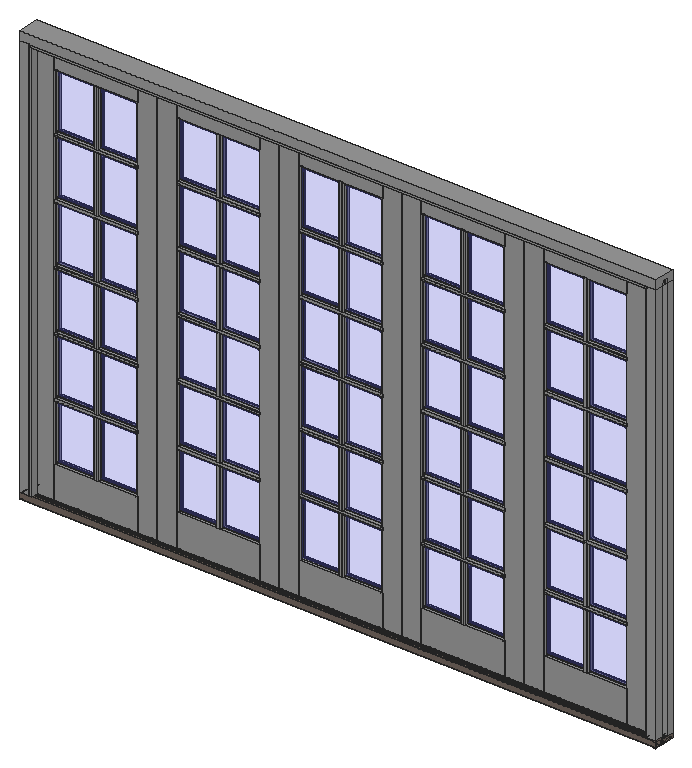
Revit family "VSFA 3180 SP RH", category Doors, host Wall, Revit 2015 (continued)
Automatic sketch dimensions
  profile plane to Sweep 34 sketch curve = 0 mm
  profile plane to Sweep 34 sketch curve = 0.241 mm
  Sweep 34 sketch curve to Sweep 34 sketch curve = 6.759 mm
  Sweep 34 sketch curve to Sweep 34 sketch curve = 2 mm  (x2)
  Sweep 34 sketch curve to profile plane = 86 mm
  Sweep 34 sketch curve to Sweep 34 sketch curve = 6 mm
  host wall to Extrusion 35 sketch curve = 15.5 mm  (x7)
  Extrusion 35 sketch curve to Extrusion 35 sketch curve = 2 mm  (x28)
  host wall to Extrusion 35 sketch curve = 7.5 mm  (x12)
  host wall to Extrusion 35 sketch curve = 6.697 mm  (x12)
  Extrusion 35 sketch curve to Extrusion 35 sketch curve = 1.197 mm  (x8)
  Extrusion 35 sketch curve to host wall = 24.5 mm  (x7)
  level to Extrusion 35 sketch curve = 19 mm
  Extrusion 35 sketch curve to Extrusion 35 sketch curve = 171 mm
  Extrusion 35 sketch curve to Extrusion 35 sketch curve = 0 mm  (x4)
  Extrusion 35 sketch curve to Extrusion 35 sketch curve = 0.241 mm  (x12)
  Extrusion 35 sketch curve to Extrusion 35 sketch curve = 266 mm  (x5)
  Extrusion 35 sketch curve to Extrusion 35 sketch curve = 6.759 mm  (x6)
  Extrusion 35 sketch curve to Extrusion 35 sketch curve = 13 mm  (x7)
  plane 5 to Extrusion 35 sketch curve = 150 mm
  plane 5 to Extrusion 35 sketch curve = 45 mm
  plane 16 to Sweep 36 sketch curve = 298.5 mm
  plane 16 to Sweep 36 sketch curve = 96 mm
  Sweep 36 sketch curve to Sweep 36 sketch curve = 284 mm
  profile plane to Sweep 36 sketch curve = 0 mm
  profile plane to Sweep 36 sketch curve = 0.241 mm
  Sweep 36 sketch curve to Sweep 36 sketch curve = 6.759 mm
  Sweep 36 sketch curve to Sweep 36 sketch curve = 2 mm  (x2)
  Sweep 36 sketch curve to profile plane = 86 mm
  Sweep 36 sketch curve to Sweep 36 sketch curve = 6 mm
  Extrusion 37 sketch curve to plane 17 = 96 mm  (x5)
  Extrusion 37 sketch curve to Extrusion 37 sketch curve = 0 mm  (x12)
  Extrusion 37 sketch curve to Extrusion 37 sketch curve = 202.5 mm  (x4)
  Extrusion 37 sketch curve to Extrusion 37 sketch curve = 13 mm  (x11)
  plane 16 to Extrusion 37 sketch curve = 96.012 mm  (x3)
  level to Extrusion 37 sketch curve = 190 mm
  level to Extrusion 37 sketch curve = 190.01 mm
  Extrusion 37 sketch curve to Extrusion 37 sketch curve = 284 mm  (x5)
  Extrusion 37 sketch curve to Extrusion 37 sketch curve = 13.01 mm  (x4)
  Extrusion 37 sketch curve to Extrusion 37 sketch curve = 0.01 mm
  plane 5 to Extrusion 37 sketch curve = 141 mm
  host wall to Extrusion 38 sketch curve = 5.5 mm  (x2)
  Extrusion 38 sketch curve to plane 17 = 289.5 mm
  Extrusion 38 sketch curve to Extrusion 38 sketch curve = 2 mm  (x5)
  Extrusion 38 sketch curve to Extrusion 38 sketch curve = 6.759 mm  (x2)
  Extrusion 38 sketch curve to Extrusion 38 sketch curve = 0.241 mm  (x3)
  Extrusion 38 sketch curve to Extrusion 38 sketch curve = 13 mm  (x2)
  Extrusion 38 sketch curve to Extrusion 38 sketch curve = 1.197 mm  (x2)
  Extrusion 38 sketch curve to host wall = 24.5 mm
  Sweep 39 sketch curve to plane 17 = 96.012 mm
  Sweep 39 sketch curve to Sweep 39 sketch curve = 202.5 mm
  level to Sweep 39 sketch curve = 190 mm
  Sweep 39 sketch curve to Sweep 39 sketch curve = 284 mm
  profile plane to Sweep 39 sketch curve = 0 mm
  profile plane to Sweep 39 sketch curve = 0.241 mm
  Sweep 39 sketch curve to Sweep 39 sketch curve = 6.759 mm
  Sweep 39 sketch curve to Sweep 39 sketch curve = 2 mm  (x2)
  Sweep 39 sketch curve to profile plane = 86 mm
  Sweep 39 sketch curve to Sweep 39 sketch curve = 6 mm
  plane 16 to Sweep 40 sketch curve = 298.5 mm
  plane 16 to Sweep 40 sketch curve = 96 mm
  level to Sweep 40 sketch curve = 486.988 mm
  Sweep 40 sketch curve to Sweep 40 sketch curve = 284 mm
  profile plane to Sweep 40 sketch curve = 0 mm
  profile plane to Sweep 40 sketch curve = 0.241 mm
  Sweep 40 sketch curve to Sweep 40 sketch curve = 6.759 mm
  Sweep 40 sketch curve to Sweep 40 sketch curve = 2 mm  (x2)
  Sweep 40 sketch curve to profile plane = 86 mm
  Sweep 40 sketch curve to Sweep 40 sketch curve = 6 mm
  host wall to Extrusion 41 sketch curve = 5.5 mm  (x2)
  Extrusion 41 sketch curve to plane 17 = 289.5 mm
  Extrusion 41 sketch curve to Extrusion 41 sketch curve = 2 mm  (x5)
  Extrusion 41 sketch curve to Extrusion 41 sketch curve = 6.759 mm  (x2)
  Extrusion 41 sketch curve to Extrusion 41 sketch curve = 0.241 mm  (x3)
  Extrusion 41 sketch curve to Extrusion 41 sketch curve = 13 mm  (x2)
  Extrusion 41 sketch curve to Extrusion 41 sketch curve = 1.197 mm  (x2)
  Extrusion 41 sketch curve to host wall = 24.5 mm
  Sweep 42 sketch curve to plane 17 = 96.012 mm
  Sweep 42 sketch curve to Sweep 42 sketch curve = 202.5 mm
  level to Sweep 42 sketch curve = 486.988 mm
  Sweep 42 sketch curve to Sweep 42 sketch curve = 284 mm
  profile plane to Sweep 42 sketch curve = 0 mm
  profile plane to Sweep 42 sketch curve = 0.241 mm
  Sweep 42 sketch curve to Sweep 42 sketch curve = 6.759 mm
  Sweep 42 sketch curve to Sweep 42 sketch curve = 2 mm  (x2)
  Sweep 42 sketch curve to profile plane = 86 mm
  Sweep 42 sketch curve to Sweep 42 sketch curve = 6 mm
  plane 16 to Sweep 43 sketch curve = 298.5 mm
  plane 16 to Sweep 43 sketch curve = 96 mm
  level to Sweep 43 sketch curve = 783.988 mm
  Sweep 43 sketch curve to Sweep 43 sketch curve = 284 mm
  profile plane to Sweep 43 sketch curve = 0 mm
  profile plane to Sweep 43 sketch curve = 0.241 mm
  Sweep 43 sketch curve to Sweep 43 sketch curve = 6.759 mm
  Sweep 43 sketch curve to Sweep 43 sketch curve = 2 mm  (x2)
  Sweep 43 sketch curve to profile plane = 86 mm
  Sweep 43 sketch curve to Sweep 43 sketch curve = 6 mm
  host wall to Extrusion 44 sketch curve = 5.5 mm  (x2)
  Extrusion 44 sketch curve to plane 17 = 289.5 mm
  Extrusion 44 sketch curve to Extrusion 44 sketch curve = 2 mm  (x5)
  Extrusion 44 sketch curve to Extrusion 44 sketch curve = 6.759 mm  (x2)
  Extrusion 44 sketch curve to Extrusion 44 sketch curve = 0.241 mm  (x3)
  Extrusion 44 sketch curve to Extrusion 44 sketch curve = 13 mm  (x2)
  Extrusion 44 sketch curve to Extrusion 44 sketch curve = 1.197 mm  (x2)
  Extrusion 44 sketch curve to host wall = 24.5 mm
  Sweep 45 sketch curve to plane 17 = 96.012 mm
  Sweep 45 sketch curve to Sweep 45 sketch curve = 202.5 mm
  level to Sweep 45 sketch curve = 783.988 mm
  Sweep 45 sketch curve to Sweep 45 sketch curve = 284 mm
  profile plane to Sweep 45 sketch curve = 0 mm
  profile plane to Sweep 45 sketch curve = 0.241 mm
  Sweep 45 sketch curve to Sweep 45 sketch curve = 6.759 mm
  Sweep 45 sketch curve to Sweep 45 sketch curve = 2 mm  (x2)
  Sweep 45 sketch curve to profile plane = 86 mm
  Sweep 45 sketch curve to Sweep 45 sketch curve = 6 mm
  plane 16 to Sweep 46 sketch curve = 298.5 mm
  plane 16 to Sweep 46 sketch curve = 96 mm
  plane 5 to Sweep 46 sketch curve = 1019.012 mm
  Sweep 46 sketch curve to Sweep 46 sketch curve = 284 mm
  profile plane to Sweep 46 sketch curve = 0 mm
  profile plane to Sweep 46 sketch curve = 0.241 mm
  Sweep 46 sketch curve to Sweep 46 sketch curve = 6.759 mm
  Sweep 46 sketch curve to Sweep 46 sketch curve = 2 mm  (x2)
  Sweep 46 sketch curve to profile plane = 86 mm
  Sweep 46 sketch curve to Sweep 46 sketch curve = 6 mm
  host wall to Extrusion 47 sketch curve = 5.5 mm  (x2)
  Extrusion 47 sketch curve to plane 17 = 289.5 mm
  Extrusion 47 sketch curve to Extrusion 47 sketch curve = 2 mm  (x5)
  Extrusion 47 sketch curve to Extrusion 47 sketch curve = 6.759 mm  (x2)
  Extrusion 47 sketch curve to Extrusion 47 sketch curve = 0.241 mm  (x3)
  Extrusion 47 sketch curve to Extrusion 47 sketch curve = 13 mm  (x2)
  Extrusion 47 sketch curve to Extrusion 47 sketch curve = 1.197 mm  (x2)
  Extrusion 47 sketch curve to host wall = 24.5 mm
  Sweep 48 sketch curve to plane 17 = 96.012 mm
  Sweep 48 sketch curve to Sweep 48 sketch curve = 202.5 mm
  plane 5 to Sweep 48 sketch curve = 1019.012 mm
  Sweep 48 sketch curve to Sweep 48 sketch curve = 284 mm
  profile plane to Sweep 48 sketch curve = 0 mm
  profile plane to Sweep 48 sketch curve = 0.241 mm
  Sweep 48 sketch curve to Sweep 48 sketch curve = 6.759 mm
  Sweep 48 sketch curve to Sweep 48 sketch curve = 2 mm  (x2)
  Sweep 48 sketch curve to profile plane = 86 mm
  Sweep 48 sketch curve to Sweep 48 sketch curve = 6 mm
  plane 16 to Sweep 49 sketch curve = 298.5 mm
  plane 16 to Sweep 49 sketch curve = 96 mm
  plane 5 to Sweep 49 sketch curve = 722.012 mm
  Sweep 49 sketch curve to Sweep 49 sketch curve = 284 mm
  profile plane to Sweep 49 sketch curve = 0 mm
  profile plane to Sweep 49 sketch curve = 0.241 mm
  Sweep 49 sketch curve to Sweep 49 sketch curve = 6.759 mm
  Sweep 49 sketch curve to Sweep 49 sketch curve = 2 mm  (x2)
  Sweep 49 sketch curve to profile plane = 86 mm
  Sweep 49 sketch curve to Sweep 49 sketch curve = 6 mm
  host wall to Extrusion 50 sketch curve = 5.5 mm  (x2)
  Extrusion 50 sketch curve to plane 17 = 289.5 mm
  Extrusion 50 sketch curve to Extrusion 50 sketch curve = 2 mm  (x5)
  Extrusion 50 sketch curve to Extrusion 50 sketch curve = 6.759 mm  (x2)
  Extrusion 50 sketch curve to Extrusion 50 sketch curve = 0.241 mm  (x3)
  Extrusion 50 sketch curve to Extrusion 50 sketch curve = 13 mm  (x2)
  Extrusion 50 sketch curve to Extrusion 50 sketch curve = 1.197 mm  (x2)
  Extrusion 50 sketch curve to host wall = 24.5 mm
  Sweep 51 sketch curve to plane 17 = 96.012 mm
  Sweep 51 sketch curve to Sweep 51 sketch curve = 202.5 mm
  plane 5 to Sweep 51 sketch curve = 722.012 mm
  Sweep 51 sketch curve to Sweep 51 sketch curve = 284 mm
  profile plane to Sweep 51 sketch curve = 0 mm
  profile plane to Sweep 51 sketch curve = 0.241 mm
  Sweep 51 sketch curve to Sweep 51 sketch curve = 6.759 mm
  Sweep 51 sketch curve to Sweep 51 sketch curve = 2 mm  (x2)
  Sweep 51 sketch curve to profile plane = 86 mm
  Sweep 51 sketch curve to Sweep 51 sketch curve = 6 mm
  plane 16 to Sweep 52 sketch curve = 298.5 mm
  plane 16 to Sweep 52 sketch curve = 96 mm
  plane 5 to Sweep 52 sketch curve = 425.012 mm
  plane 5 to Sweep 52 sketch curve = 141.012 mm
  profile plane to Sweep 52 sketch curve = 0 mm
  profile plane to Sweep 52 sketch curve = 0.241 mm
  Sweep 52 sketch curve to Sweep 52 sketch curve = 6.759 mm
  Sweep 52 sketch curve to Sweep 52 sketch curve = 2 mm  (x2)
  Sweep 52 sketch curve to profile plane = 86 mm
  Sweep 52 sketch curve to Sweep 52 sketch curve = 6 mm
  host wall to Extrusion 53 sketch curve = 5.5 mm  (x2)
  Extrusion 53 sketch curve to plane 17 = 289.5 mm
  Extrusion 53 sketch curve to Extrusion 53 sketch curve = 2 mm  (x5)
  Extrusion 53 sketch curve to Extrusion 53 sketch curve = 6.759 mm  (x2)
  Extrusion 53 sketch curve to Extrusion 53 sketch curve = 0.241 mm  (x3)
  Extrusion 53 sketch curve to Extrusion 53 sketch curve = 13 mm  (x2)
  Extrusion 53 sketch curve to Extrusion 53 sketch curve = 1.197 mm  (x2)
  Extrusion 53 sketch curve to host wall = 24.5 mm
  Sweep 54 sketch curve to plane 17 = 96.012 mm
  Sweep 54 sketch curve to Sweep 54 sketch curve = 202.5 mm
  plane 5 to Sweep 54 sketch curve = 425.012 mm
  plane 5 to Sweep 54 sketch curve = 141.012 mm
  profile plane to Sweep 54 sketch curve = 0 mm
  profile plane to Sweep 54 sketch curve = 0.241 mm
  Sweep 54 sketch curve to Sweep 54 sketch curve = 6.759 mm
  Sweep 54 sketch curve to Sweep 54 sketch curve = 2 mm  (x2)
  Sweep 54 sketch curve to profile plane = 86 mm
  Sweep 54 sketch curve to Sweep 54 sketch curve = 6 mm
  host wall to Extrusion 55 sketch curve = 15.5 mm  (x7)
  Extrusion 55 sketch curve to Extrusion 55 sketch curve = 2 mm  (x28)
  host wall to Extrusion 55 sketch curve = 7.5 mm  (x12)
  host wall to Extrusion 55 sketch curve = 6.697 mm  (x12)
  Extrusion 55 sketch curve to Extrusion 55 sketch curve = 1.197 mm  (x8)
  Extrusion 55 sketch curve to host wall = 24.5 mm  (x7)
  level to Extrusion 55 sketch curve = 19 mm
  Extrusion 55 sketch curve to Extrusion 55 sketch curve = 171 mm
  Extrusion 55 sketch curve to Extrusion 55 sketch curve = 0 mm  (x4)
  Extrusion 55 sketch curve to Extrusion 55 sketch curve = 0.241 mm  (x12)
  Extrusion 55 sketch curve to Extrusion 55 sketch curve = 266 mm  (x5)
  Extrusion 55 sketch curve to Extrusion 55 sketch curve = 6.759 mm  (x6)
  Extrusion 55 sketch curve to Extrusion 55 sketch curve = 13 mm  (x7)
  plane 5 to Extrusion 55 sketch curve = 150 mm
  plane 5 to Extrusion 55 sketch curve = 45 mm
  Sweep 56 sketch curve to plane 2 "Center (Left/Right)" = 9.5 mm
  plane 14 to Sweep 56 sketch curve = 96 mm
  Sweep 56 sketch curve to Sweep 56 sketch curve = 284 mm
  profile plane to Sweep 56 sketch curve = 0 mm
  profile plane to Sweep 56 sketch curve = 0.241 mm
  Sweep 56 sketch curve to Sweep 56 sketch curve = 6.759 mm
  Sweep 56 sketch curve to Sweep 56 sketch curve = 2 mm  (x2)
  Sweep 56 sketch curve to profile plane = 86 mm
  Sweep 56 sketch curve to Sweep 56 sketch curve = 6 mm
  Extrusion 57 sketch curve to plane 15 = 96 mm  (x5)
  Extrusion 57 sketch curve to Extrusion 57 sketch curve = 0 mm  (x12)
  Extrusion 57 sketch curve to plane 2 "Center (Left/Right)" = 22.5 mm  (x4)
  Extrusion 57 sketch curve to plane 2 "Center (Left/Right)" = 9.5 mm  (x6)
  plane 14 to Extrusion 57 sketch curve = 96.012 mm  (x3)
  level to Extrusion 57 sketch curve = 190 mm
  level to Extrusion 57 sketch curve = 190.01 mm
  Extrusion 57 sketch curve to Extrusion 57 sketch curve = 284 mm  (x5)
  Extrusion 57 sketch curve to Extrusion 57 sketch curve = 13 mm  (x5)
  Extrusion 57 sketch curve to Extrusion 57 sketch curve = 13.01 mm  (x4)
  Extrusion 57 sketch curve to Extrusion 57 sketch curve = 0.01 mm
  plane 5 to Extrusion 57 sketch curve = 141 mm
  host wall to Extrusion 58 sketch curve = 5.5 mm  (x2)
  Extrusion 58 sketch curve to plane 2 "Center (Left/Right)" = 31.5 mm
  Extrusion 58 sketch curve to Extrusion 58 sketch curve = 2 mm  (x4)
  Extrusion 58 sketch curve to Extrusion 58 sketch curve = 6.759 mm
  Extrusion 58 sketch curve to Extrusion 58 sketch curve = 0.241 mm  (x3)
  Extrusion 58 sketch curve to plane 2 "Center (Left/Right)" = 9.5 mm  (x2)
  Extrusion 58 sketch curve to plane 2 "Center (Left/Right)" = 2.5 mm
  Extrusion 58 sketch curve to plane 2 "Center (Left/Right)" = 0.5 mm
  Extrusion 58 sketch curve to Extrusion 58 sketch curve = 1.197 mm  (x2)
  Extrusion 58 sketch curve to host wall = 24.5 mm
  Sweep 59 sketch curve to plane 15 = 96.012 mm
  Sweep 59 sketch curve to plane 2 "Center (Left/Right)" = 22.488 mm
  level to Sweep 59 sketch curve = 190 mm
  Sweep 59 sketch curve to Sweep 59 sketch curve = 284 mm
  profile plane to Sweep 59 sketch curve = 0 mm
  profile plane to Sweep 59 sketch curve = 0.241 mm
  Sweep 59 sketch curve to Sweep 59 sketch curve = 6.759 mm
  Sweep 59 sketch curve to Sweep 59 sketch curve = 2 mm  (x2)
  Sweep 59 sketch curve to profile plane = 86 mm
  Sweep 59 sketch curve to Sweep 59 sketch curve = 6 mm
  Sweep 60 sketch curve to plane 2 "Center (Left/Right)" = 9.5 mm
  plane 14 to Sweep 60 sketch curve = 96 mm
  level to Sweep 60 sketch curve = 486.988 mm
  Sweep 60 sketch curve to Sweep 60 sketch curve = 284 mm
  profile plane to Sweep 60 sketch curve = 0 mm
  profile plane to Sweep 60 sketch curve = 0.241 mm
  Sweep 60 sketch curve to Sweep 60 sketch curve = 6.759 mm
  Sweep 60 sketch curve to Sweep 60 sketch curve = 2 mm  (x2)
  Sweep 60 sketch curve to profile plane = 86 mm
  Sweep 60 sketch curve to Sweep 60 sketch curve = 6 mm
  host wall to Extrusion 61 sketch curve = 5.5 mm  (x2)
  Extrusion 61 sketch curve to plane 2 "Center (Left/Right)" = 31.5 mm
  Extrusion 61 sketch curve to Extrusion 61 sketch curve = 2 mm  (x4)
  Extrusion 61 sketch curve to Extrusion 61 sketch curve = 6.759 mm
  Extrusion 61 sketch curve to Extrusion 61 sketch curve = 0.241 mm  (x3)
  Extrusion 61 sketch curve to plane 2 "Center (Left/Right)" = 9.5 mm  (x2)
  Extrusion 61 sketch curve to plane 2 "Center (Left/Right)" = 2.5 mm
  Extrusion 61 sketch curve to plane 2 "Center (Left/Right)" = 0.5 mm
  Extrusion 61 sketch curve to Extrusion 61 sketch curve = 1.197 mm  (x2)
  Extrusion 61 sketch curve to host wall = 24.5 mm
  Sweep 62 sketch curve to plane 15 = 96.012 mm
  Sweep 62 sketch curve to plane 2 "Center (Left/Right)" = 22.488 mm
  level to Sweep 62 sketch curve = 486.988 mm
  Sweep 62 sketch curve to Sweep 62 sketch curve = 284 mm
  profile plane to Sweep 62 sketch curve = 0 mm
  profile plane to Sweep 62 sketch curve = 0.241 mm
  Sweep 62 sketch curve to Sweep 62 sketch curve = 6.759 mm
  Sweep 62 sketch curve to Sweep 62 sketch curve = 2 mm  (x2)
  Sweep 62 sketch curve to profile plane = 86 mm
  Sweep 62 sketch curve to Sweep 62 sketch curve = 6 mm
  Sweep 63 sketch curve to plane 2 "Center (Left/Right)" = 9.5 mm
  plane 14 to Sweep 63 sketch curve = 96 mm
  level to Sweep 63 sketch curve = 783.988 mm
  Sweep 63 sketch curve to Sweep 63 sketch curve = 284 mm
  profile plane to Sweep 63 sketch curve = 0 mm
  profile plane to Sweep 63 sketch curve = 0.241 mm
  Sweep 63 sketch curve to Sweep 63 sketch curve = 6.759 mm
  Sweep 63 sketch curve to Sweep 63 sketch curve = 2 mm  (x2)
  Sweep 63 sketch curve to profile plane = 86 mm
  Sweep 63 sketch curve to Sweep 63 sketch curve = 6 mm
  host wall to Extrusion 64 sketch curve = 5.5 mm  (x2)
  Extrusion 64 sketch curve to plane 2 "Center (Left/Right)" = 31.5 mm
  Extrusion 64 sketch curve to Extrusion 64 sketch curve = 2 mm  (x4)
  Extrusion 64 sketch curve to Extrusion 64 sketch curve = 6.759 mm
  Extrusion 64 sketch curve to Extrusion 64 sketch curve = 0.241 mm  (x3)
  Extrusion 64 sketch curve to plane 2 "Center (Left/Right)" = 9.5 mm  (x2)
  Extrusion 64 sketch curve to plane 2 "Center (Left/Right)" = 2.5 mm
  Extrusion 64 sketch curve to plane 2 "Center (Left/Right)" = 0.5 mm
  Extrusion 64 sketch curve to Extrusion 64 sketch curve = 1.197 mm  (x2)
  Extrusion 64 sketch curve to host wall = 24.5 mm
  Sweep 65 sketch curve to plane 15 = 96.012 mm
  Sweep 65 sketch curve to plane 2 "Center (Left/Right)" = 22.488 mm
  level to Sweep 65 sketch curve = 783.988 mm
  Sweep 65 sketch curve to Sweep 65 sketch curve = 284 mm
  profile plane to Sweep 65 sketch curve = 0 mm
  profile plane to Sweep 65 sketch curve = 0.241 mm
  Sweep 65 sketch curve to Sweep 65 sketch curve = 6.759 mm
  Sweep 65 sketch curve to Sweep 65 sketch curve = 2 mm  (x2)
  Sweep 65 sketch curve to profile plane = 86 mm
  Sweep 65 sketch curve to Sweep 65 sketch curve = 6 mm
  Sweep 66 sketch curve to plane 2 "Center (Left/Right)" = 9.5 mm
  plane 14 to Sweep 66 sketch curve = 96 mm
  plane 5 to Sweep 66 sketch curve = 1019.012 mm
  Sweep 66 sketch curve to Sweep 66 sketch curve = 284 mm
  profile plane to Sweep 66 sketch curve = 0 mm
  profile plane to Sweep 66 sketch curve = 0.241 mm
  Sweep 66 sketch curve to Sweep 66 sketch curve = 6.759 mm
  Sweep 66 sketch curve to Sweep 66 sketch curve = 2 mm  (x2)
  Sweep 66 sketch curve to profile plane = 86 mm
  Sweep 66 sketch curve to Sweep 66 sketch curve = 6 mm
  host wall to Extrusion 67 sketch curve = 5.5 mm  (x2)
  Extrusion 67 sketch curve to plane 2 "Center (Left/Right)" = 31.5 mm
  Extrusion 67 sketch curve to Extrusion 67 sketch curve = 2 mm  (x4)
  Extrusion 67 sketch curve to Extrusion 67 sketch curve = 6.759 mm
  Extrusion 67 sketch curve to Extrusion 67 sketch curve = 0.241 mm  (x3)
  Extrusion 67 sketch curve to plane 2 "Center (Left/Right)" = 9.5 mm  (x2)
  Extrusion 67 sketch curve to plane 2 "Center (Left/Right)" = 2.5 mm
  Extrusion 67 sketch curve to plane 2 "Center (Left/Right)" = 0.5 mm
  Extrusion 67 sketch curve to Extrusion 67 sketch curve = 1.197 mm  (x2)
  Extrusion 67 sketch curve to host wall = 24.5 mm
  Sweep 68 sketch curve to plane 15 = 96.012 mm
  Sweep 68 sketch curve to plane 2 "Center (Left/Right)" = 22.488 mm
  plane 5 to Sweep 68 sketch curve = 1019.012 mm
  Sweep 68 sketch curve to Sweep 68 sketch curve = 284 mm
  profile plane to Sweep 68 sketch curve = 0 mm
  profile plane to Sweep 68 sketch curve = 0.241 mm
  Sweep 68 sketch curve to Sweep 68 sketch curve = 6.759 mm
  Sweep 68 sketch curve to Sweep 68 sketch curve = 2 mm  (x2)
  Sweep 68 sketch curve to profile plane = 86 mm
  Sweep 68 sketch curve to Sweep 68 sketch curve = 6 mm
  Sweep 69 sketch curve to plane 2 "Center (Left/Right)" = 9.5 mm
  plane 14 to Sweep 69 sketch curve = 96 mm
  plane 5 to Sweep 69 sketch curve = 722.012 mm
  Sweep 69 sketch curve to Sweep 69 sketch curve = 284 mm
  profile plane to Sweep 69 sketch curve = 0 mm
  profile plane to Sweep 69 sketch curve = 0.241 mm
  Sweep 69 sketch curve to Sweep 69 sketch curve = 6.759 mm
  Sweep 69 sketch curve to Sweep 69 sketch curve = 2 mm  (x2)
  Sweep 69 sketch curve to profile plane = 86 mm
  Sweep 69 sketch curve to Sweep 69 sketch curve = 6 mm
  host wall to Extrusion 70 sketch curve = 5.5 mm  (x2)
  Extrusion 70 sketch curve to plane 2 "Center (Left/Right)" = 31.5 mm
  Extrusion 70 sketch curve to Extrusion 70 sketch curve = 2 mm  (x4)
  Extrusion 70 sketch curve to Extrusion 70 sketch curve = 6.759 mm
  Extrusion 70 sketch curve to Extrusion 70 sketch curve = 0.241 mm  (x3)
  Extrusion 70 sketch curve to plane 2 "Center (Left/Right)" = 9.5 mm  (x2)
  Extrusion 70 sketch curve to plane 2 "Center (Left/Right)" = 2.5 mm
  Extrusion 70 sketch curve to plane 2 "Center (Left/Right)" = 0.5 mm
  Extrusion 70 sketch curve to Extrusion 70 sketch curve = 1.197 mm  (x2)
  Extrusion 70 sketch curve to host wall = 24.5 mm
  Sweep 71 sketch curve to plane 15 = 96.012 mm
  Sweep 71 sketch curve to plane 2 "Center (Left/Right)" = 22.488 mm
  plane 5 to Sweep 71 sketch curve = 722.012 mm
  Sweep 71 sketch curve to Sweep 71 sketch curve = 284 mm
  profile plane to Sweep 71 sketch curve = 0 mm
  profile plane to Sweep 71 sketch curve = 0.241 mm
  Sweep 71 sketch curve to Sweep 71 sketch curve = 6.759 mm
  Sweep 71 sketch curve to Sweep 71 sketch curve = 2 mm  (x2)
  Sweep 71 sketch curve to profile plane = 86 mm
  Sweep 71 sketch curve to Sweep 71 sketch curve = 6 mm
  Sweep 72 sketch curve to plane 2 "Center (Left/Right)" = 9.5 mm
  plane 14 to Sweep 72 sketch curve = 96 mm
  plane 5 to Sweep 72 sketch curve = 425.012 mm
  plane 5 to Sweep 72 sketch curve = 141.012 mm
  profile plane to Sweep 72 sketch curve = 0 mm
  profile plane to Sweep 72 sketch curve = 0.241 mm
  Sweep 72 sketch curve to Sweep 72 sketch curve = 6.759 mm
  Sweep 72 sketch curve to Sweep 72 sketch curve = 2 mm  (x2)
  Sweep 72 sketch curve to profile plane = 86 mm
  Sweep 72 sketch curve to Sweep 72 sketch curve = 6 mm
  host wall to Extrusion 73 sketch curve = 5.5 mm  (x2)
  Extrusion 73 sketch curve to plane 2 "Center (Left/Right)" = 31.5 mm
  Extrusion 73 sketch curve to Extrusion 73 sketch curve = 2 mm  (x4)
  Extrusion 73 sketch curve to Extrusion 73 sketch curve = 6.759 mm
  Extrusion 73 sketch curve to Extrusion 73 sketch curve = 0.241 mm  (x3)
  Extrusion 73 sketch curve to plane 2 "Center (Left/Right)" = 9.5 mm  (x2)
  Extrusion 73 sketch curve to plane 2 "Center (Left/Right)" = 2.5 mm
  Extrusion 73 sketch curve to plane 2 "Center (Left/Right)" = 0.5 mm
  Extrusion 73 sketch curve to Extrusion 73 sketch curve = 1.197 mm  (x2)
  Extrusion 73 sketch curve to host wall = 24.5 mm
  Sweep 74 sketch curve to plane 15 = 96.012 mm
  Sweep 74 sketch curve to plane 2 "Center (Left/Right)" = 22.488 mm
  plane 5 to Sweep 74 sketch curve = 425.012 mm
  plane 5 to Sweep 74 sketch curve = 141.012 mm
  profile plane to Sweep 74 sketch curve = 0 mm
  profile plane to Sweep 74 sketch curve = 0.241 mm
  Sweep 74 sketch curve to Sweep 74 sketch curve = 6.759 mm
  Sweep 74 sketch curve to Sweep 74 sketch curve = 2 mm  (x2)
  Sweep 74 sketch curve to profile plane = 86 mm
  Sweep 74 sketch curve to Sweep 74 sketch curve = 6 mm
  host wall to Extrusion 75 sketch curve = 15.5 mm  (x7)
  Extrusion 75 sketch curve to Extrusion 75 sketch curve = 2 mm  (x28)
  host wall to Extrusion 75 sketch curve = 7.5 mm  (x12)
  host wall to Extrusion 75 sketch curve = 6.697 mm  (x12)
  Extrusion 75 sketch curve to Extrusion 75 sketch curve = 1.197 mm  (x8)
  Extrusion 75 sketch curve to host wall = 24.5 mm  (x7)
  level to Extrusion 75 sketch curve = 19 mm
  Extrusion 75 sketch curve to Extrusion 75 sketch curve = 171 mm
  Extrusion 75 sketch curve to Extrusion 75 sketch curve = 0 mm  (x4)
  Extrusion 75 sketch curve to Extrusion 75 sketch curve = 0.241 mm  (x12)
  Extrusion 75 sketch curve to Extrusion 75 sketch curve = 266 mm  (x5)
  Extrusion 75 sketch curve to Extrusion 75 sketch curve = 6.759 mm  (x6)
  Extrusion 75 sketch curve to Extrusion 75 sketch curve = 13 mm  (x7)
  plane 5 to Extrusion 75 sketch curve = 150 mm
  plane 5 to Extrusion 75 sketch curve = 45 mm
  plane 12 to Sweep 76 sketch curve = 298.5 mm
  plane 12 to Sweep 76 sketch curve = 96 mm
  Sweep 76 sketch curve to Sweep 76 sketch curve = 284 mm
  profile plane to Sweep 76 sketch curve = 0 mm
  profile plane to Sweep 76 sketch curve = 0.241 mm
  Sweep 76 sketch curve to Sweep 76 sketch curve = 6.759 mm
  Sweep 76 sketch curve to Sweep 76 sketch curve = 2 mm  (x2)
  Sweep 76 sketch curve to profile plane = 86 mm
  Sweep 76 sketch curve to Sweep 76 sketch curve = 6 mm
  Extrusion 77 sketch curve to plane 13 = 96 mm  (x5)
  Extrusion 77 sketch curve to Extrusion 77 sketch curve = 0 mm  (x12)
  Extrusion 77 sketch curve to Extrusion 77 sketch curve = 202.5 mm  (x4)
  Extrusion 77 sketch curve to Extrusion 77 sketch curve = 13 mm  (x11)
  plane 12 to Extrusion 77 sketch curve = 96.012 mm  (x3)
  level to Extrusion 77 sketch curve = 190 mm
  level to Extrusion 77 sketch curve = 190.01 mm
  Extrusion 77 sketch curve to Extrusion 77 sketch curve = 284 mm  (x5)
  Extrusion 77 sketch curve to Extrusion 77 sketch curve = 13.01 mm  (x4)
  Extrusion 77 sketch curve to Extrusion 77 sketch curve = 0.01 mm
  plane 5 to Extrusion 77 sketch curve = 141 mm
  host wall to Extrusion 78 sketch curve = 5.5 mm  (x2)
  Extrusion 78 sketch curve to plane 13 = 289.5 mm
  Extrusion 78 sketch curve to Extrusion 78 sketch curve = 2 mm  (x5)
  Extrusion 78 sketch curve to Extrusion 78 sketch curve = 6.759 mm  (x2)
  Extrusion 78 sketch curve to Extrusion 78 sketch curve = 0.241 mm  (x3)
  Extrusion 78 sketch curve to Extrusion 78 sketch curve = 13 mm  (x2)
  Extrusion 78 sketch curve to Extrusion 78 sketch curve = 1.197 mm  (x2)
  Extrusion 78 sketch curve to host wall = 24.5 mm
  Sweep 79 sketch curve to plane 13 = 96.012 mm
  Sweep 79 sketch curve to Sweep 79 sketch curve = 202.5 mm
  level to Sweep 79 sketch curve = 190 mm
  Sweep 79 sketch curve to Sweep 79 sketch curve = 284 mm
  profile plane to Sweep 79 sketch curve = 0 mm
  profile plane to Sweep 79 sketch curve = 0.241 mm
  Sweep 79 sketch curve to Sweep 79 sketch curve = 6.759 mm
  Sweep 79 sketch curve to Sweep 79 sketch curve = 2 mm  (x2)
  Sweep 79 sketch curve to profile plane = 86 mm
  Sweep 79 sketch curve to Sweep 79 sketch curve = 6 mm
  plane 12 to Sweep 80 sketch curve = 298.5 mm
  plane 12 to Sweep 80 sketch curve = 96 mm
  level to Sweep 80 sketch curve = 486.988 mm
  Sweep 80 sketch curve to Sweep 80 sketch curve = 284 mm
  profile plane to Sweep 80 sketch curve = 0 mm
  profile plane to Sweep 80 sketch curve = 0.241 mm
  Sweep 80 sketch curve to Sweep 80 sketch curve = 6.759 mm
  Sweep 80 sketch curve to Sweep 80 sketch curve = 2 mm  (x2)
  Sweep 80 sketch curve to profile plane = 86 mm
  Sweep 80 sketch curve to Sweep 80 sketch curve = 6 mm
  host wall to Extrusion 81 sketch curve = 5.5 mm  (x2)
  Extrusion 81 sketch curve to plane 13 = 289.5 mm
  Extrusion 81 sketch curve to Extrusion 81 sketch curve = 2 mm  (x5)
  Extrusion 81 sketch curve to Extrusion 81 sketch curve = 6.759 mm  (x2)
  Extrusion 81 sketch curve to Extrusion 81 sketch curve = 0.241 mm  (x3)
  Extrusion 81 sketch curve to Extrusion 81 sketch curve = 13 mm  (x2)
  Extrusion 81 sketch curve to Extrusion 81 sketch curve = 1.197 mm  (x2)
  Extrusion 81 sketch curve to host wall = 24.5 mm
  Sweep 82 sketch curve to plane 13 = 96.012 mm
  Sweep 82 sketch curve to Sweep 82 sketch curve = 202.5 mm
  level to Sweep 82 sketch curve = 486.988 mm
  Sweep 82 sketch curve to Sweep 82 sketch curve = 284 mm
  profile plane to Sweep 82 sketch curve = 0 mm
  profile plane to Sweep 82 sketch curve = 0.241 mm
  Sweep 82 sketch curve to Sweep 82 sketch curve = 6.759 mm
  Sweep 82 sketch curve to Sweep 82 sketch curve = 2 mm  (x2)
  Sweep 82 sketch curve to profile plane = 86 mm
  Sweep 82 sketch curve to Sweep 82 sketch curve = 6 mm
  plane 12 to Sweep 83 sketch curve = 298.5 mm
  plane 12 to Sweep 83 sketch curve = 96 mm
  level to Sweep 83 sketch curve = 783.988 mm
  Sweep 83 sketch curve to Sweep 83 sketch curve = 284 mm
  profile plane to Sweep 83 sketch curve = 0 mm
  profile plane to Sweep 83 sketch curve = 0.241 mm
  Sweep 83 sketch curve to Sweep 83 sketch curve = 6.759 mm
  Sweep 83 sketch curve to Sweep 83 sketch curve = 2 mm  (x2)
  Sweep 83 sketch curve to profile plane = 86 mm
  Sweep 83 sketch curve to Sweep 83 sketch curve = 6 mm
  host wall to Extrusion 84 sketch curve = 5.5 mm  (x2)
  Extrusion 84 sketch curve to plane 13 = 289.5 mm
  Extrusion 84 sketch curve to Extrusion 84 sketch curve = 2 mm  (x5)
  Extrusion 84 sketch curve to Extrusion 84 sketch curve = 6.759 mm  (x2)
  Extrusion 84 sketch curve to Extrusion 84 sketch curve = 0.241 mm  (x3)
  Extrusion 84 sketch curve to Extrusion 84 sketch curve = 13 mm  (x2)
  Extrusion 84 sketch curve to Extrusion 84 sketch curve = 1.197 mm  (x2)
  Extrusion 84 sketch curve to host wall = 24.5 mm
  Sweep 85 sketch curve to plane 13 = 96.012 mm
  Sweep 85 sketch curve to Sweep 85 sketch curve = 202.5 mm
  level to Sweep 85 sketch curve = 783.988 mm
  Sweep 85 sketch curve to Sweep 85 sketch curve = 284 mm
  profile plane to Sweep 85 sketch curve = 0 mm
  profile plane to Sweep 85 sketch curve = 0.241 mm
  Sweep 85 sketch curve to Sweep 85 sketch curve = 6.759 mm
  Sweep 85 sketch curve to Sweep 85 sketch curve = 2 mm  (x2)
  Sweep 85 sketch curve to profile plane = 86 mm
  Sweep 85 sketch curve to Sweep 85 sketch curve = 6 mm
  plane 12 to Sweep 86 sketch curve = 298.5 mm
  plane 12 to Sweep 86 sketch curve = 96 mm
  plane 5 to Sweep 86 sketch curve = 1019.012 mm
  Sweep 86 sketch curve to Sweep 86 sketch curve = 284 mm
  profile plane to Sweep 86 sketch curve = 0 mm
  profile plane to Sweep 86 sketch curve = 0.241 mm
  Sweep 86 sketch curve to Sweep 86 sketch curve = 6.759 mm
  Sweep 86 sketch curve to Sweep 86 sketch curve = 2 mm  (x2)
  Sweep 86 sketch curve to profile plane = 86 mm
  Sweep 86 sketch curve to Sweep 86 sketch curve = 6 mm
  host wall to Extrusion 87 sketch curve = 5.5 mm  (x2)
  Extrusion 87 sketch curve to plane 13 = 289.5 mm
  Extrusion 87 sketch curve to Extrusion 87 sketch curve = 2 mm  (x5)
  Extrusion 87 sketch curve to Extrusion 87 sketch curve = 6.759 mm  (x2)
  Extrusion 87 sketch curve to Extrusion 87 sketch curve = 0.241 mm  (x3)
  Extrusion 87 sketch curve to Extrusion 87 sketch curve = 13 mm  (x2)
  Extrusion 87 sketch curve to Extrusion 87 sketch curve = 1.197 mm  (x2)
  Extrusion 87 sketch curve to host wall = 24.5 mm
  Sweep 88 sketch curve to plane 13 = 96.012 mm
  Sweep 88 sketch curve to Sweep 88 sketch curve = 202.5 mm
  plane 5 to Sweep 88 sketch curve = 1019.012 mm
  Sweep 88 sketch curve to Sweep 88 sketch curve = 284 mm
  profile plane to Sweep 88 sketch curve = 0 mm
  profile plane to Sweep 88 sketch curve = 0.241 mm
  Sweep 88 sketch curve to Sweep 88 sketch curve = 6.759 mm
  Sweep 88 sketch curve to Sweep 88 sketch curve = 2 mm  (x2)
  Sweep 88 sketch curve to profile plane = 86 mm
  Sweep 88 sketch curve to Sweep 88 sketch curve = 6 mm
  plane 12 to Sweep 89 sketch curve = 298.5 mm
  plane 12 to Sweep 89 sketch curve = 96 mm
  plane 5 to Sweep 89 sketch curve = 722.012 mm
  Sweep 89 sketch curve to Sweep 89 sketch curve = 284 mm
  profile plane to Sweep 89 sketch curve = 0 mm
  profile plane to Sweep 89 sketch curve = 0.241 mm
  Sweep 89 sketch curve to Sweep 89 sketch curve = 6.759 mm
  Sweep 89 sketch curve to Sweep 89 sketch curve = 2 mm  (x2)
  Sweep 89 sketch curve to profile plane = 86 mm
  Sweep 89 sketch curve to Sweep 89 sketch curve = 6 mm
  host wall to Extrusion 90 sketch curve = 5.5 mm  (x2)
  Extrusion 90 sketch curve to plane 13 = 289.5 mm
  Extrusion 90 sketch curve to Extrusion 90 sketch curve = 2 mm  (x5)
  Extrusion 90 sketch curve to Extrusion 90 sketch curve = 6.759 mm  (x2)
  Extrusion 90 sketch curve to Extrusion 90 sketch curve = 0.241 mm  (x3)
  Extrusion 90 sketch curve to Extrusion 90 sketch curve = 13 mm  (x2)
  Extrusion 90 sketch curve to Extrusion 90 sketch curve = 1.197 mm  (x2)
  Extrusion 90 sketch curve to host wall = 24.5 mm
  Sweep 91 sketch curve to plane 13 = 96.012 mm
  Sweep 91 sketch curve to Sweep 91 sketch curve = 202.5 mm
  plane 5 to Sweep 91 sketch curve = 722.012 mm
  Sweep 91 sketch curve to Sweep 91 sketch curve = 284 mm
  profile plane to Sweep 91 sketch curve = 0 mm
  profile plane to Sweep 91 sketch curve = 0.241 mm
  Sweep 91 sketch curve to Sweep 91 sketch curve = 6.759 mm
  Sweep 91 sketch curve to Sweep 91 sketch curve = 2 mm  (x2)
  Sweep 91 sketch curve to profile plane = 86 mm
  Sweep 91 sketch curve to Sweep 91 sketch curve = 6 mm
  plane 12 to Sweep 92 sketch curve = 298.5 mm
  plane 12 to Sweep 92 sketch curve = 96 mm
  plane 5 to Sweep 92 sketch curve = 425.012 mm
  plane 5 to Sweep 92 sketch curve = 141.012 mm
  profile plane to Sweep 92 sketch curve = 0 mm
  profile plane to Sweep 92 sketch curve = 0.241 mm
  Sweep 92 sketch curve to Sweep 92 sketch curve = 6.759 mm
  Sweep 92 sketch curve to Sweep 92 sketch curve = 2 mm  (x2)
  Sweep 92 sketch curve to profile plane = 86 mm
  Sweep 92 sketch curve to Sweep 92 sketch curve = 6 mm
  host wall to Extrusion 93 sketch curve = 5.5 mm  (x2)
  Extrusion 93 sketch curve to plane 13 = 289.5 mm
  Extrusion 93 sketch curve to Extrusion 93 sketch curve = 2 mm  (x5)
  Extrusion 93 sketch curve to Extrusion 93 sketch curve = 6.759 mm  (x2)
  Extrusion 93 sketch curve to Extrusion 93 sketch curve = 0.241 mm  (x3)
  Extrusion 93 sketch curve to Extrusion 93 sketch curve = 13 mm  (x2)
  Extrusion 93 sketch curve to Extrusion 93 sketch curve = 1.197 mm  (x2)
  Extrusion 93 sketch curve to host wall = 24.5 mm
  Sweep 94 sketch curve to plane 13 = 96.012 mm
  Sweep 94 sketch curve to Sweep 94 sketch curve = 202.5 mm
  plane 5 to Sweep 94 sketch curve = 425.012 mm
  plane 5 to Sweep 94 sketch curve = 141.012 mm
  profile plane to Sweep 94 sketch curve = 0 mm
  profile plane to Sweep 94 sketch curve = 0.241 mm
  Sweep 94 sketch curve to Sweep 94 sketch curve = 6.759 mm
  Sweep 94 sketch curve to Sweep 94 sketch curve = 2 mm  (x2)
  Sweep 94 sketch curve to profile plane = 86 mm
  Sweep 94 sketch curve to Sweep 94 sketch curve = 6 mm
  host wall to Extrusion 95 sketch curve = 15.5 mm  (x7)
  Extrusion 95 sketch curve to Extrusion 95 sketch curve = 2 mm  (x28)
  host wall to Extrusion 95 sketch curve = 7.5 mm  (x12)
  host wall to Extrusion 95 sketch curve = 6.697 mm  (x12)
  Extrusion 95 sketch curve to Extrusion 95 sketch curve = 1.197 mm  (x8)
  Extrusion 95 sketch curve to host wall = 24.5 mm  (x7)
  level to Extrusion 95 sketch curve = 19 mm
  Extrusion 95 sketch curve to Extrusion 95 sketch curve = 171 mm
  Extrusion 95 sketch curve to Extrusion 95 sketch curve = 0 mm  (x4)
  Extrusion 95 sketch curve to Extrusion 95 sketch curve = 0.241 mm  (x12)
  Extrusion 95 sketch curve to Extrusion 95 sketch curve = 266 mm  (x5)
  Extrusion 95 sketch curve to Extrusion 95 sketch curve = 6.759 mm  (x6)
  Extrusion 95 sketch curve to Extrusion 95 sketch curve = 13 mm  (x7)
  plane 5 to Extrusion 95 sketch curve = 150 mm
  plane 5 to Extrusion 95 sketch curve = 45 mm
  plane 10 to Sweep 96 sketch curve = 298.5 mm
  plane 10 to Sweep 96 sketch curve = 96 mm
  Sweep 96 sketch curve to Sweep 96 sketch curve = 284 mm
  profile plane to Sweep 96 sketch curve = 0 mm
  profile plane to Sweep 96 sketch curve = 0.241 mm
  Sweep 96 sketch curve to Sweep 96 sketch curve = 6.759 mm
  Sweep 96 sketch curve to Sweep 96 sketch curve = 2 mm  (x2)
  Sweep 96 sketch curve to profile plane = 86 mm
  Sweep 96 sketch curve to Sweep 96 sketch curve = 6 mm
  Extrusion 97 sketch curve to plane 11 = 96 mm  (x5)
  Extrusion 97 sketch curve to Extrusion 97 sketch curve = 0 mm  (x12)
  Extrusion 97 sketch curve to Extrusion 97 sketch curve = 202.5 mm  (x4)
  Extrusion 97 sketch curve to Extrusion 97 sketch curve = 13 mm  (x11)
  plane 10 to Extrusion 97 sketch curve = 96.012 mm  (x3)
  level to Extrusion 97 sketch curve = 190 mm
  level to Extrusion 97 sketch curve = 190.01 mm
  Extrusion 97 sketch curve to Extrusion 97 sketch curve = 284 mm  (x5)
  Extrusion 97 sketch curve to Extrusion 97 sketch curve = 13.01 mm  (x4)
  Extrusion 97 sketch curve to Extrusion 97 sketch curve = 0.01 mm
  plane 5 to Extrusion 97 sketch curve = 141 mm
  host wall to Extrusion 98 sketch curve = 5.5 mm  (x2)
  Extrusion 98 sketch curve to plane 11 = 289.5 mm
  Extrusion 98 sketch curve to Extrusion 98 sketch curve = 2 mm  (x5)
  Extrusion 98 sketch curve to Extrusion 98 sketch curve = 6.759 mm  (x2)
  Extrusion 98 sketch curve to Extrusion 98 sketch curve = 0.241 mm  (x3)
  Extrusion 98 sketch curve to Extrusion 98 sketch curve = 13 mm  (x2)
  Extrusion 98 sketch curve to Extrusion 98 sketch curve = 1.197 mm  (x2)
  Extrusion 98 sketch curve to host wall = 24.5 mm
  Sweep 99 sketch curve to plane 11 = 96.012 mm
  Sweep 99 sketch curve to Sweep 99 sketch curve = 202.5 mm
  level to Sweep 99 sketch curve = 190 mm
  Sweep 99 sketch curve to Sweep 99 sketch curve = 284 mm
  profile plane to Sweep 99 sketch curve = 0 mm
  profile plane to Sweep 99 sketch curve = 0.241 mm
  Sweep 99 sketch curve to Sweep 99 sketch curve = 6.759 mm
  Sweep 99 sketch curve to Sweep 99 sketch curve = 2 mm  (x2)
  Sweep 99 sketch curve to profile plane = 86 mm
  Sweep 99 sketch curve to Sweep 99 sketch curve = 6 mm
  plane 10 to Sweep 100 sketch curve = 298.5 mm
  plane 10 to Sweep 100 sketch curve = 96 mm
  level to Sweep 100 sketch curve = 486.988 mm
  Sweep 100 sketch curve to Sweep 100 sketch curve = 284 mm
  profile plane to Sweep 100 sketch curve = 0 mm
  profile plane to Sweep 100 sketch curve = 0.241 mm
  Sweep 100 sketch curve to Sweep 100 sketch curve = 6.759 mm
  Sweep 100 sketch curve to Sweep 100 sketch curve = 2 mm  (x2)
  Sweep 100 sketch curve to profile plane = 86 mm
  Sweep 100 sketch curve to Sweep 100 sketch curve = 6 mm
  host wall to Extrusion 101 sketch curve = 5.5 mm  (x2)
  Extrusion 101 sketch curve to plane 11 = 289.5 mm
  Extrusion 101 sketch curve to Extrusion 101 sketch curve = 2 mm  (x5)
  Extrusion 101 sketch curve to Extrusion 101 sketch curve = 6.759 mm  (x2)
  Extrusion 101 sketch curve to Extrusion 101 sketch curve = 0.241 mm  (x3)
  Extrusion 101 sketch curve to Extrusion 101 sketch curve = 13 mm  (x2)
  Extrusion 101 sketch curve to Extrusion 101 sketch curve = 1.197 mm  (x2)
  Extrusion 101 sketch curve to host wall = 24.5 mm
  Sweep 102 sketch curve to plane 11 = 96.012 mm
  Sweep 102 sketch curve to Sweep 102 sketch curve = 202.5 mm
  level to Sweep 102 sketch curve = 486.988 mm
  Sweep 102 sketch curve to Sweep 102 sketch curve = 284 mm
  profile plane to Sweep 102 sketch curve = 0 mm
  profile plane to Sweep 102 sketch curve = 0.241 mm
  Sweep 102 sketch curve to Sweep 102 sketch curve = 6.759 mm
  Sweep 102 sketch curve to Sweep 102 sketch curve = 2 mm  (x2)
  Sweep 102 sketch curve to profile plane = 86 mm
  Sweep 102 sketch curve to Sweep 102 sketch curve = 6 mm
  plane 10 to Sweep 103 sketch curve = 298.5 mm
  plane 10 to Sweep 103 sketch curve = 96 mm
  level to Sweep 103 sketch curve = 783.988 mm
  Sweep 103 sketch curve to Sweep 103 sketch curve = 284 mm
  profile plane to Sweep 103 sketch curve = 0 mm
  profile plane to Sweep 103 sketch curve = 0.241 mm
  Sweep 103 sketch curve to Sweep 103 sketch curve = 6.759 mm
  Sweep 103 sketch curve to Sweep 103 sketch curve = 2 mm  (x2)
  Sweep 103 sketch curve to profile plane = 86 mm
  Sweep 103 sketch curve to Sweep 103 sketch curve = 6 mm
  host wall to Extrusion 104 sketch curve = 5.5 mm  (x2)
  Extrusion 104 sketch curve to plane 11 = 289.5 mm
  Extrusion 104 sketch curve to Extrusion 104 sketch curve = 2 mm  (x5)
  Extrusion 104 sketch curve to Extrusion 104 sketch curve = 6.759 mm  (x2)
  Extrusion 104 sketch curve to Extrusion 104 sketch curve = 0.241 mm  (x3)
  Extrusion 104 sketch curve to Extrusion 104 sketch curve = 13 mm  (x2)
  Extrusion 104 sketch curve to Extrusion 104 sketch curve = 1.197 mm  (x2)
  Extrusion 104 sketch curve to host wall = 24.5 mm
  Sweep 105 sketch curve to plane 11 = 96.012 mm
  Sweep 105 sketch curve to Sweep 105 sketch curve = 202.5 mm
  level to Sweep 105 sketch curve = 783.988 mm
  Sweep 105 sketch curve to Sweep 105 sketch curve = 284 mm
  profile plane to Sweep 105 sketch curve = 0 mm
  profile plane to Sweep 105 sketch curve = 0.241 mm
  Sweep 105 sketch curve to Sweep 105 sketch curve = 6.759 mm
  Sweep 105 sketch curve to Sweep 105 sketch curve = 2 mm  (x2)
  Sweep 105 sketch curve to profile plane = 86 mm
  Sweep 105 sketch curve to Sweep 105 sketch curve = 6 mm
  plane 10 to Sweep 106 sketch curve = 298.5 mm
  plane 10 to Sweep 106 sketch curve = 96 mm
  plane 5 to Sweep 106 sketch curve = 1019.012 mm
  Sweep 106 sketch curve to Sweep 106 sketch curve = 284 mm
  profile plane to Sweep 106 sketch curve = 0 mm
  profile plane to Sweep 106 sketch curve = 0.241 mm
  Sweep 106 sketch curve to Sweep 106 sketch curve = 6.759 mm
  Sweep 106 sketch curve to Sweep 106 sketch curve = 2 mm  (x2)
  Sweep 106 sketch curve to profile plane = 86 mm
  Sweep 106 sketch curve to Sweep 106 sketch curve = 6 mm
  host wall to Extrusion 107 sketch curve = 5.5 mm  (x2)
  Extrusion 107 sketch curve to plane 11 = 289.5 mm
  Extrusion 107 sketch curve to Extrusion 107 sketch curve = 2 mm  (x5)
  Extrusion 107 sketch curve to Extrusion 107 sketch curve = 6.759 mm  (x2)
  Extrusion 107 sketch curve to Extrusion 107 sketch curve = 0.241 mm  (x3)
  Extrusion 107 sketch curve to Extrusion 107 sketch curve = 13 mm  (x2)
  Extrusion 107 sketch curve to Extrusion 107 sketch curve = 1.197 mm  (x2)
  Extrusion 107 sketch curve to host wall = 24.5 mm
  Sweep 108 sketch curve to plane 11 = 96.012 mm
  Sweep 108 sketch curve to Sweep 108 sketch curve = 202.5 mm
  plane 5 to Sweep 108 sketch curve = 1019.012 mm
  Sweep 108 sketch curve to Sweep 108 sketch curve = 284 mm
  profile plane to Sweep 108 sketch curve = 0 mm
  profile plane to Sweep 108 sketch curve = 0.241 mm
  Sweep 108 sketch curve to Sweep 108 sketch curve = 6.759 mm
  Sweep 108 sketch curve to Sweep 108 sketch curve = 2 mm  (x2)
  Sweep 108 sketch curve to profile plane = 86 mm
  Sweep 108 sketch curve to Sweep 108 sketch curve = 6 mm
  plane 10 to Sweep 109 sketch curve = 298.5 mm
  plane 10 to Sweep 109 sketch curve = 96 mm
  plane 5 to Sweep 109 sketch curve = 722.012 mm
  Sweep 109 sketch curve to Sweep 109 sketch curve = 284 mm
  profile plane to Sweep 109 sketch curve = 0 mm
  profile plane to Sweep 109 sketch curve = 0.241 mm
  Sweep 109 sketch curve to Sweep 109 sketch curve = 6.759 mm
  Sweep 109 sketch curve to Sweep 109 sketch curve = 2 mm  (x2)
  Sweep 109 sketch curve to profile plane = 86 mm
  Sweep 109 sketch curve to Sweep 109 sketch curve = 6 mm
  host wall to Extrusion 110 sketch curve = 5.5 mm  (x2)
  Extrusion 110 sketch curve to plane 11 = 289.5 mm
  Extrusion 110 sketch curve to Extrusion 110 sketch curve = 2 mm  (x5)
  Extrusion 110 sketch curve to Extrusion 110 sketch curve = 6.759 mm  (x2)
  Extrusion 110 sketch curve to Extrusion 110 sketch curve = 0.241 mm  (x3)
  Extrusion 110 sketch curve to Extrusion 110 sketch curve = 13 mm  (x2)
  Extrusion 110 sketch curve to Extrusion 110 sketch curve = 1.197 mm  (x2)
  Extrusion 110 sketch curve to host wall = 24.5 mm
  Sweep 111 sketch curve to plane 11 = 96.012 mm
  Sweep 111 sketch curve to Sweep 111 sketch curve = 202.5 mm
  plane 5 to Sweep 111 sketch curve = 722.012 mm
  Sweep 111 sketch curve to Sweep 111 sketch curve = 284 mm
  profile plane to Sweep 111 sketch curve = 0 mm
  profile plane to Sweep 111 sketch curve = 0.241 mm
  Sweep 111 sketch curve to Sweep 111 sketch curve = 6.759 mm
  Sweep 111 sketch curve to Sweep 111 sketch curve = 2 mm  (x2)
  Sweep 111 sketch curve to profile plane = 86 mm
  Sweep 111 sketch curve to Sweep 111 sketch curve = 6 mm
  plane 10 to Sweep 112 sketch curve = 298.5 mm
  plane 10 to Sweep 112 sketch curve = 96 mm
  plane 5 to Sweep 112 sketch curve = 425.012 mm
  plane 5 to Sweep 112 sketch curve = 141.012 mm
  profile plane to Sweep 112 sketch curve = 0 mm
  profile plane to Sweep 112 sketch curve = 0.241 mm
  Sweep 112 sketch curve to Sweep 112 sketch curve = 6.759 mm
  Sweep 112 sketch curve to Sweep 112 sketch curve = 2 mm  (x2)
  Sweep 112 sketch curve to profile plane = 86 mm
  Sweep 112 sketch curve to Sweep 112 sketch curve = 6 mm
  host wall to Extrusion 113 sketch curve = 5.5 mm  (x2)
  Extrusion 113 sketch curve to plane 11 = 289.5 mm
  Extrusion 113 sketch curve to Extrusion 113 sketch curve = 2 mm  (x5)
  Extrusion 113 sketch curve to Extrusion 113 sketch curve = 6.759 mm  (x2)
  Extrusion 113 sketch curve to Extrusion 113 sketch curve = 0.241 mm  (x3)
  Extrusion 113 sketch curve to Extrusion 113 sketch curve = 13 mm  (x2)
  Extrusion 113 sketch curve to Extrusion 113 sketch curve = 1.197 mm  (x2)
  Extrusion 113 sketch curve to host wall = 24.5 mm
  Sweep 114 sketch curve to plane 11 = 96.012 mm
  Sweep 114 sketch curve to Sweep 114 sketch curve = 202.5 mm
  plane 5 to Sweep 114 sketch curve = 425.012 mm
  plane 5 to Sweep 114 sketch curve = 141.012 mm
  profile plane to Sweep 114 sketch curve = 0 mm
  profile plane to Sweep 114 sketch curve = 0.241 mm
  Sweep 114 sketch curve to Sweep 114 sketch curve = 6.759 mm
  Sweep 114 sketch curve to Sweep 114 sketch curve = 2 mm  (x2)
  Sweep 114 sketch curve to profile plane = 86 mm
  Sweep 114 sketch curve to Sweep 114 sketch curve = 6 mm
